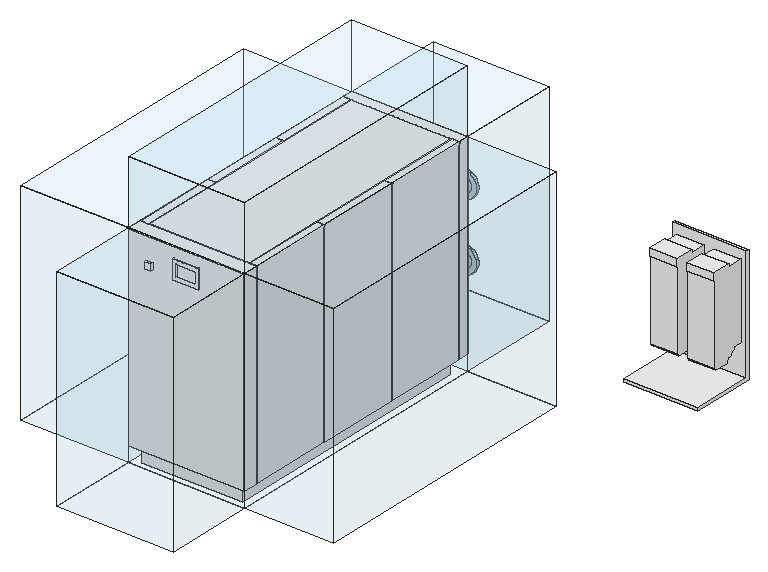
Revit family "VIESSMANN - Vitocal 350-G Pro 352 - C100", category Mechanical Equipment, Revit 2021
Family settings
  Round Connector Dimension = Use Diameter
  Part Type = Normal
  OmniClass Number = 23.75.10.21.17
  OmniClass Title = Water-Source Heat Pumps
  Work Plane-Based = No
  Always vertical = Yes
  Cut with Voids When Loaded = No
  Shared = No
  Room Calculation Point = No
Parameters (values of type "B0/W35")
  Wysokość całkowita = 1652.4 mm
  Waga przetwornicy częstotliwości wraz ze stelażem = 84.00 kg
  Odstęp minimalny pompy ciepła od ściany = "Odstęp minimalny pompy ciepła od ściany"  # constant formula
  Obieg wtórny. Strata ciśnienia przy znamionowym przepływie objętościowym = 7.0 kPa
  Obieg wtórny. Znamionowy przepływ objętościowy = 17.6 m³/h
  Obieg wtórny. Strata ciśnienia przy minimalnym przepływie objętościowym = 1.0 kPa
  Obieg wtórny. Pojemność wymiennika ciepła (woda) = 17.2 L
  Obieg wtórny. Różnica temperatur = "5 K"
  Obieg wtórny. Minimalny przepływ objętościowy = 6.0 m³/h
  Obieg wtórny. Maks. temperatura na zasilaniu obiegu wtórnego przy zasilaniu solanką z obiegu pierwotnego B –16°C = 56 °C
  Obieg wtórny. Maks. temperatura na zasilaniu obiegu wtórnego przy zasilaniu solanką z obiegu pierwotnego  B –7°C = 62 °C
  Obieg wtórny. Maks. temperatura na zasilaniu obiegu wtórnego przy zasilaniu solanką z obiegu pierwotnego B od –1 do 25°CB –1 = 75 °C
  Obieg pierwotny. Strata ciśnienia przy znamionowym przepływie objętościowym = 26.0 kPa
  Obieg pierwotny. Znamionowy przepływ objętościowy = 23.6 m³/h
  Znamionowe natężenie sprężarek (łącznie) = 41.2 A
  Znamionowa moc grzewcza = 101.9 kW
  Zakres mocy = "17 - 100%"
  Wydajność chłodnicza = 75.4 kW
  Stopień efektywności ∊ (COP) = 3.69
  Obieg pierwotny. Strata ciśnienia przy minimalnym przepływie = 8.0 kPa
  Obieg pierwotny. Pojemność wymiennika ciepła (solanka) = 13.1 L
  Podaj długość odsunięcia przetwornicy [instance] = "Maksymalny odstęp (c/d) - 1000/1400mm, 1500/900mm, 2000/400mm"  # constant formula
  Viessmann Kolor 1 = Viessmann Kolor 1
  URL = "https://www.viessmann.pl/"
  Szerokość całkowita = 911 mm
  Strefa serwisowa [instance] = yes
  Pobór mocy elektrycznej (bez pomp zewnętrznych) = 27.6 kW
  Odsunięcie przetwornicy wzdłuż "c" Rzeczywista [instance] = if([Odsunięcie przetwornicy wzdłuż "c"] > 2000 mm, 2000 mm, if([Odsunięcie przetwornicy wzdłuż "c"] < 500 mm, 500 mm, [Odsunięcie przetwornicy wzdłuż "c"]))  # 1000 mm
  Odsunięcie przetwornicy wzdłuż "c" [instance] = 1000 mm
  Odsunięcie przetwornicy w bok "d" Rzeczywista [instance] = if([Odsunięcie przetwornicy w bok "d"] > 1400 mm, 1400 mm, [Odsunięcie przetwornicy w bok "d"])  # 1400 mm
  Odsunięcie przetwornicy w bok "d" [instance] = 1400 mm
  Minimalna kubatura pomieszczenia = 36.00 m³
  Obieg wtórny. Min. temperatura na zasilaniu zasobnika lodu = 29 °C
  KOMUNIKAT [instance] = "Max. Długość przewodu od obudowy  - 2400 mm"  # constant formula
  Długość strefy serwisowej od ściany prawej = 700 mm  # constant formula
  Długość strefy serwisowej od ściany lewej = 850 mm  # constant formula
  Długość strefy serwisowej od tyłu "b" = 800 mm  # constant formula
  Obieg pierwotny. Różnica temperatur = "3 K"
  Obieg pierwotny. Min. temperatura solanki na wlocie na granicy zabezpieczenia przed zamrożeniem –25,2°C (40% obj.) = -16 °C
  Obieg pierwotny. Min. temperatura solanki na wlocie na granicy zabezpieczenia przed zamrożeniem –16,1°C (30% obj.) = -7 °C
  Obieg pierwotny. Granica zabezpieczenia przed zamrożeniem. Źródła ciepła - grunt i woda = -16.1 °C
  Obieg pierwotny. Granica zabezpieczenia przed zamrożeniem. Źródła ciepła -  powietrze i zasobnik lodu = -25.2 °C
  Obieg pierwotny. Minimalny przepływ objętościowy (50% znamionowego przepływu objętościowego w przypadku B0/W35) = 11.8 m³/h
  Masa urządzenia podstwowego = 1250.00 kg
  Manufacturer = "Viessmann Sp. z o.o."
  Długość przewodu od obudowy ciepła (c+d) Rzeczywista [instance] = [Odsunięcie przetwornicy wzdłuż "c"] + [Odsunięcie przetwornicy w bok "d"]  # 2400 mm
  Długość przewodu od obudowy ciepła (c+d) [instance] = if([Odsunięcie przetwornicy wzdłuż "c"] + [Odsunięcie przetwornicy w bok "d"] > 2399 mm, 2400 mm, [Długość przewodu od obudowy ciepła (c+d) Rzeczywista])  # 2400 mm
  Description = "Vitocal 350-G PRO to kompaktowa, monowalentna pompa ciepła typu solanka/woda do ogrzewania, chłodzenia oraz podgrzewu wody użytkowej. Jako źródło ciepła można wykorzystać grunt, wodę gruntową lub powietrze zewnętrzne. Dzięki czterem typom, Vitocal 350-G PRO jest elastycznym rozwiązaniem grzewczym i chłodniczym, spełniającym indywidualne wymagania budynków mieszkalnych, komercyjnych i przemysłowych."
  Model = "Pompy ciepła solanka /woda Vitocal 350-G PRO o temperaturze zasilania do 75°C\r"  # constant formula
  Długość strefy serwisowej od przodu "e" = 700 mm  # constant formula
  Długość całkowita = 2190 mm
  Default Elevation = 0 mm
  Autor = "www.archispace.pl"
Types (3, lengths in mm): name | Obieg wtórny. Strata ciśnienia przy znamionowym przepływie objętościowym | Obieg wtórny. Znamionowy przepływ objętościowy | Obieg wtórny. Strata ciśnienia przy minimalnym przepływie objętościowym | Obieg wtórny. Różnica temperatur | Obieg wtórny. Minimalny przepływ objętościowy | Obieg pierwotny. Strata ciśnienia przy znamionowym przepływie objętościowym | Obieg pierwotny. Znamionowy przepływ objętościowy | Znamionowe natężenie sprężarek (łącznie) | Znamionowa moc grzewcza | Wydajność chłodnicza | Stopień efektywności ∊ (COP) | Obieg pierwotny. Strata ciśnienia przy minimalnym przepływie | Pobór mocy elektrycznej (bez pomp zewnętrznych)
  (no name) | 7.0 kPa | 17.6 m³/h | 1.0 kPa | "5 K" | 6.0 m³/h | 26.0 kPa | 23.6 m³/h | 41.2 A | 101.9 kW | 75.4 kW | 3.69 | 8.0 kPa | 27.6 kW
  B0/W35 | 7.0 kPa | 17.6 m³/h | 1.0 kPa | "5 K" | 6.0 m³/h | 26.0 kPa | 23.6 m³/h | 41.2 A | 101.9 kW | 75.4 kW | 3.69 | 8.0 kPa | 27.6 kW
  B0/W55 | 2.0 kPa | 9.3 m³/h | 0.3 kPa | "8 K" | 3.0 m³/h | 15.0 kPa | 17.3 m³/h | 47.5 A | 85.0 kW | 55.4 kW | 2.74 | 4.0 kPa | 31.0 kW
Reference planes
  plane 1 "Środek (Przód/Tył)": y = 50
  plane 2: z = 0
  plane 3 "Środek (Lewa/Prawa)": x = 0
  plane 4: y = 50
  plane 5: y = -2140
  plane 6: y = -2140
  plane 7: z = 1652.4
  plane 8: x = 455.5
  plane 9: x = -455.5
  plane 10: x = -1305.5
  plane 11: x = 1155.5
  plane 12: y = -2840
  plane 13: z = 2152.4
Forms (mm)
  Extrusion 1, solid, material "Viessmann Strefy Serwisowe", visible <- "Strefa serwisowa"
    sketch origin (0, 0, 0) x (1, 0, 0) y (0, 1, 0)
      loop
        line (-455.5, 50) -> (-1305.5, 50) -> (-1305.5, -2140) -> (-455.5, -2140) -> (-455.5, 50)
    from 0 to 1652.4
  Extrusion 2, solid, material "Viessmann Strefy Serwisowe", visible <- "Strefa serwisowa"
    sketch origin (0, 0, 0) x (-1, 0, 0) y (0, -1, 0)
      loop
        line (-455.5, -50) -> (-455.5, 2140) -> (-1155.5, 2140) -> (-1155.5, -50) -> (-455.5, -50)
    from 0 to 1652.4
  Extrusion 3, solid, material "Viessmann Strefy Serwisowe", visible <- "Strefa serwisowa"
    sketch origin (1476.269, 2188.659, 0) x (1, 0, 0) y (0, 1, 0)
      loop
        line (-1020.769, -1338.659) -> (-1931.769, -1338.659) -> (-1931.769, -2138.659) -> (-1020.769, -2138.659) -> (-1020.769, -1338.659)
    from 0 to 1652.4
  Extrusion 4, solid, material "Viessmann Strefy Serwisowe", visible <- "Strefa serwisowa"
    sketch origin (1476.269, 248.659, 0) x (1, 0, 0) y (0, 1, 0)
      loop
        line (-1020.769, -2388.659) -> (-1931.769, -2388.659) -> (-1931.769, -3088.659) -> (-1020.769, -3088.659) -> (-1020.769, -2388.659)
    from 0 to 1652.4
  Extrusion 5, solid, material "Viessmann Strefy Serwisowe", visible <- "Strefa serwisowa"
    sketch origin (0, 0, 0) x (1, 0, 0) y (0, 1, 0)
      loop
        line (455.5, 50) -> (-455.5, 50) -> (-455.5, -2140) -> (455.5, -2140) -> (455.5, 50)
    from 1652.4 to 2152.4
Lines and regions (mm)
  reference lines
    curve 1: line (1836.5, 1050, 0) -> (1855.5, 1050, 0)
    curve 2: line (1855.5, 1050, 0) -> (1855.5, 1550, 0)
Dimensions and locks
  "Długość całkowita": plane 5 to plane 1 "Środek (Przód/Tył)"
  "Wysokość całkowita": plane 7 to plane 2
  Extrusion 4 sketch curve to plane 3 "Środek (Lewa/Prawa)" = 455.5 mm
  plane 3 "Środek (Lewa/Prawa)" to Extrusion 4 sketch curve = 455.5 mm
  Extrusion 3 sketch curve to plane 3 "Środek (Lewa/Prawa)" = 455.5 mm
  plane 3 "Środek (Lewa/Prawa)" to Extrusion 3 sketch curve = 455.5 mm
  equal spacing: plane 9, plane 3 "Środek (Lewa/Prawa)", plane 8
  "Szerokość całkowita": plane 9 to plane 8
  "Długość strefy serwisowej od tyłu "b"": Extrusion 3 sketch curve to plane 4
  "Odsunięcie przetwornicy wzdłuż "c" Rzeczywista": plane 4 to curve 1
  "Odsunięcie przetwornicy w bok "d" Rzeczywista": plane 8 to curve 2
  "Długość strefy serwisowej od ściany lewej": plane 10 to plane 9
  "Długość strefy serwisowej od ściany prawej": plane 8 to plane 11
  "Długość strefy serwisowej od przodu "e"": plane 5 to plane 12
  plane 4 to nested 2 = 500 mm
  plane 8 to nested 2 = 820 mm
  locked: plane 13 to plane 7 at 500
  aligned and locked: level to plane 2
  aligned and locked: Extrusion 1 to plane 5
  aligned and locked: Extrusion 1 to Extrusion 2
  aligned and locked: Extrusion 4 to Extrusion 1
  aligned and locked: Extrusion 2 to plane 1 "Środek (Przód/Tył)"
  aligned and locked: plane 7 to Extrusion 1
  aligned and locked: Extrusion 2 to plane 7
  aligned and locked: plane 7 to Extrusion 3
  aligned and locked: plane 7 to Extrusion 4
  aligned and locked: nested 1 to plane 3 "Środek (Lewa/Prawa)"
  aligned and locked: nested 1 to plane 4
  aligned and locked: Extrusion 3 to plane 4
  aligned and locked: Extrusion 3 sketch curve to plane 4
  aligned and locked: plane 4 to Extrusion 1 sketch curve
  aligned and locked: nested 2 to curve 1
  aligned and locked: nested 2 to curve 2
  aligned and locked: Extrusion 1 sketch curve to plane 10
  aligned and locked: Extrusion 2 sketch curve to plane 11
  aligned and locked: Extrusion 2 sketch curve to plane 8
  aligned and locked: Extrusion 1 sketch curve to plane 9
  aligned and locked: Extrusion 4 sketch curve to plane 12
  aligned and locked: Extrusion 5 to plane 7
  aligned and locked: plane 8 to Extrusion 5
  aligned and locked: Extrusion 5 to plane 9
  aligned and locked: Extrusion 5 to plane 5
  aligned and locked: Extrusion 5 to plane 1 "Środek (Przód/Tył)"
Automatic sketch dimensions
  Extrusion 1 sketch curve to plane 5 = 0 mm
  plane 1 "Środek (Przód/Tył)" to Extrusion 2 sketch curve = 0 mm
  plane 5 to Extrusion 2 sketch curve = 0 mm
  Extrusion 4 sketch curve to plane 5 = 0 mm
  plane 1 "Środek (Przód/Tył)" to Extrusion 5 sketch curve = 0 mm
  plane 10 to Extrusion 5 sketch curve = 850 mm
  plane 5 to Extrusion 5 sketch curve = 0 mm
  Extrusion 5 sketch curve to plane 9 = 911 mm
  curve 1 to curve 1 = 19 mm
  curve 1 to curve 2 = 500 mm
Nested families
  nested 1: "Vitocal 350-G PRO 352.typ C100" at (0, 50, 0), type "C100"
  nested 2: "Vitocal - Przetwornica częstotliwości ze stależem" at (1565.5, 800, 0), type "C075. C100. C150"
Connectors
  electrical at (-272.721, -30, 1564.6), driven by "Pobór mocy elektrycznej (bez pomp zewnętrznych)"
    settings: on nested 1, index 2, voltage 0 V, apparent load 27600 VA, apparent load phase1 0 VA, apparent load phase2 0 VA, apparent load phase3 0 VA, power factor 1, load classification "Other", number of poles 1, system type 30, power factor state 1, is connector primary yes, connector utility no, sub classification motor no, connector description ""
  piping at (-102.375, 265, 1112.398), diameter 88, driven by "Obieg pierwotny. Znamionowy przepływ objętościowy"
    settings: on nested 1, index 3, connector inside diameter 609.6 mm, connector length 0 mm, flow factor 0, pipe flow 23.6 m³/h, pressure drop 0.0 kPa, fitting loss kfactor 0, connector angle 0.00°, fixture units 0, engagement length 0 mm, angle of deflection 0.00°, flow configuration 0, flow direction 0, fitting loss method 0, system type 7, joint type 0, gender type 0, connector reference index -1, connector utility 0, adjustable connector no, is connector primary yes, connector description ""
  piping at (-102.375, 265, 582.398), diameter 88, driven by "Obieg wtórny. Znamionowy przepływ objętościowy"
    settings: on nested 1, index 4, connector inside diameter 609.6 mm, connector length 0 mm, flow factor 0, pipe flow 17.6 m³/h, pressure drop 0.0 kPa, fitting loss kfactor 0, connector angle 0.00°, fixture units 0, engagement length 0 mm, angle of deflection 0.00°, flow configuration 0, flow direction 0, fitting loss method 0, system type 8, joint type 0, gender type 0, connector reference index -1, connector utility 0, adjustable connector no, is connector primary no, connector description ""
  piping at (206.398, 345, 582.398), diameter 88
    settings: on nested 1, index 5, connector inside diameter 609.6 mm, connector length 0 mm, flow factor 0, pipe flow 0.0 m³/h, pressure drop 0.0 kPa, fitting loss kfactor 0, connector angle 0.00°, fixture units 0, engagement length 0 mm, angle of deflection 0.00°, flow configuration 0, flow direction 0, fitting loss method 0, system type 19, joint type 0, gender type 0, connector reference index -1, connector utility 0, adjustable connector no, is connector primary no, connector description ""
  piping at (206.398, 345, 582.398), diameter 88, driven by "Obieg wtórny. Znamionowy przepływ objętościowy"
    settings: on nested 1, index 6, connector inside diameter 609.6 mm, connector length 0 mm, flow factor 0, pipe flow 17.6 m³/h, pressure drop 0.0 kPa, fitting loss kfactor 0, connector angle 0.00°, fixture units 0, engagement length 0 mm, angle of deflection 0.00°, flow configuration 0, flow direction 0, fitting loss method 0, system type 8, joint type 0, gender type 0, connector reference index -1, connector utility 0, adjustable connector no, is connector primary no, connector description ""
  piping at (206.398, 345, 1112.398), diameter 88, driven by "Obieg pierwotny. Znamionowy przepływ objętościowy"
    settings: on nested 1, index 7, connector inside diameter 609.6 mm, connector length 0 mm, flow factor 0, pipe flow 23.6 m³/h, pressure drop 0.0 kPa, fitting loss kfactor 0, connector angle 0.00°, fixture units 0, engagement length 0 mm, angle of deflection 0.00°, flow configuration 0, flow direction 0, fitting loss method 0, system type 7, joint type 0, gender type 0, connector reference index -1, connector utility 0, adjustable connector no, is connector primary no, connector description ""
Definition of nested family "Vitocal 350-G PRO 352.typ C100"
  Parameters (values of type "C100")
    Wysokość = 1652.4 mm
    Szerokość = 911 mm
    Materiał = none
    Inny odstęp = no
    Długość = 2191 mm
    Default Elevation = 0 mm
  Reference planes
    plane 1 "Center (Front/Back)": y = 0
    plane 2: z = 0
    plane 3 "Center (Left/Right)": x = 0
    plane 4: z = 1652.4
    plane 5: z = 126.2
    plane 6: x = 455.5
    plane 7: x = -455.5
    plane 8: x = -451.5
    plane 9: x = 451.5
    plane 10: y = -4
    plane 11: z = 1112.398
    plane 12: z = 582.398
    plane 13: x = 206.398
    plane 14: x = -102.375
    plane 15: y = -2191
    plane 16: y = -2211
    plane 17: y = -2198
    plane 18: y = 292
    plane 19: x = -395
    plane 20: x = 395
  Forms (mm)
    Extrusion 1, solid, material <- "Materiał", detail levels medium+fine
      sketch origin (0, -876.5, 0) x (1, 0, 0) y (0, 1, 0)
        loop
          line (-398.973, 793.559) -> (-450.996, 793.559)
          arc (-450.996, 793.559) -> (-453.825, 792.387) -> (-454.996, 789.559) r 4
          line (-454.996, 789.559) -> (-454.996, 137.559)
          arc (-454.996, 137.559) -> (-453.825, 134.731) -> (-450.996, 133.559) r 4
          line (-450.996, 133.559) -> (-398.973, 133.559)
          arc (-398.973, 133.559) -> (-396.144, 134.731) -> (-394.973, 137.559) r 4
          line (-394.973, 137.559) -> (-394.973, 789.559)
          arc (-394.973, 789.559) -> (-396.144, 792.387) -> (-398.973, 793.559) r 4
        loop
          line (-398.973, 130.559) -> (-450.996, 130.559)
          arc (-450.996, 130.559) -> (-453.825, 129.387) -> (-454.996, 126.559) r 4
          line (-454.996, 126.559) -> (-454.996, -525.441)
          arc (-454.996, -525.441) -> (-453.825, -528.269) -> (-450.996, -529.441) r 4
          line (-450.996, -529.441) -> (-398.973, -529.441)
          arc (-398.973, -529.441) -> (-396.144, -528.269) -> (-394.973, -525.441) r 4
          line (-394.973, -525.441) -> (-394.973, 126.559)
          arc (-394.973, 126.559) -> (-396.144, 129.387) -> (-398.973, 130.559) r 4
        loop
          line (-398.973, -532.336) -> (-450.996, -532.336)
          arc (-450.996, -532.336) -> (-453.825, -533.508) -> (-454.996, -536.336) r 4
          line (-454.996, -536.336) -> (-454.996, -1188.336)
          arc (-454.996, -1188.336) -> (-453.825, -1191.165) -> (-450.996, -1192.336) r 4
          line (-450.996, -1192.336) -> (-398.973, -1192.336)
          arc (-398.973, -1192.336) -> (-396.144, -1191.165) -> (-394.973, -1188.336) r 4
          line (-394.973, -1188.336) -> (-394.973, -536.336)
          arc (-394.973, -536.336) -> (-396.144, -533.508) -> (-398.973, -532.336) r 4
        loop
          line (451.5, 793.559) -> (399.476, 793.559)
          arc (399.476, 793.559) -> (396.648, 792.387) -> (395.476, 789.559) r 4
          line (395.476, 789.559) -> (395.476, 137.559)
          arc (395.476, 137.559) -> (396.648, 134.731) -> (399.476, 133.559) r 4
          line (399.476, 133.559) -> (451.5, 133.559)
          arc (451.5, 133.559) -> (454.328, 134.731) -> (455.5, 137.559) r 4
          line (455.5, 137.559) -> (455.5, 789.559)
          arc (455.5, 789.559) -> (454.328, 792.387) -> (451.5, 793.559) r 4
        loop
          line (451.5, 130.559) -> (399.476, 130.559)
          arc (399.476, 130.559) -> (396.648, 129.387) -> (395.476, 126.559) r 4
          line (395.476, 126.559) -> (395.476, -525.441)
          arc (395.476, -525.441) -> (396.648, -528.269) -> (399.476, -529.441) r 4
          line (399.476, -529.441) -> (451.5, -529.441)
          arc (451.5, -529.441) -> (454.328, -528.269) -> (455.5, -525.441) r 4
          line (455.5, -525.441) -> (455.5, 126.559)
          arc (455.5, 126.559) -> (454.328, 129.387) -> (451.5, 130.559) r 4
        loop
          line (451.5, -532.336) -> (399.476, -532.336)
          arc (399.476, -532.336) -> (396.648, -533.508) -> (395.476, -536.336) r 4
          line (395.476, -536.336) -> (395.476, -1188.336)
          arc (395.476, -1188.336) -> (396.648, -1191.165) -> (399.476, -1192.336) r 4
          line (399.476, -1192.336) -> (451.5, -1192.336)
          arc (451.5, -1192.336) -> (454.328, -1191.165) -> (455.5, -1188.336) r 4
          line (455.5, -1188.336) -> (455.5, -536.336)
          arc (455.5, -536.336) -> (454.328, -533.508) -> (451.5, -532.336) r 4
        loop
          arc (392.53, 789.559) -> (391.358, 792.387) -> (388.53, 793.559) r 4
          line (388.53, 793.559) -> (-388.07, 793.559)
          arc (-388.07, 793.559) -> (-390.898, 792.387) -> (-392.07, 789.559) r 4
          line (-392.07, 789.559) -> (-392.07, -1188.336)
          arc (-392.07, -1188.336) -> (-390.898, -1191.165) -> (-388.07, -1192.336) r 4
          line (-388.07, -1192.336) -> (388.53, -1192.336)
          arc (388.53, -1192.336) -> (391.358, -1191.165) -> (392.53, -1188.336) r 4
          line (392.53, -1188.336) -> (392.53, 789.559)
        loop
          arc (-451.5, -1194.5) -> (-454.328, -1195.672) -> (-455.5, -1198.5) r 4
          line (-455.5, -1198.5) -> (-455.5, -1310.5)
          arc (-455.5, -1310.5) -> (-454.328, -1313.328) -> (-451.5, -1314.5) r 4
          line (-451.5, -1314.5) -> (451.5, -1314.5)
          arc (451.5, -1314.5) -> (454.328, -1313.328) -> (455.5, -1310.5) r 4
          line (455.5, -1310.5) -> (455.5, -1198.5)
          arc (455.5, -1198.5) -> (454.328, -1195.672) -> (451.5, -1194.5) r 4
          line (451.5, -1194.5) -> (-451.5, -1194.5)
        loop
          arc (-451.5, 876.5) -> (-454.328, 875.328) -> (-455.5, 872.5) r 4
          line (-455.5, 872.5) -> (-455.5, 800.5)
          arc (-455.5, 800.5) -> (-454.328, 797.672) -> (-451.5, 796.5) r 4
          line (-451.5, 796.5) -> (451.5, 796.5)
          arc (451.5, 796.5) -> (454.328, 797.672) -> (455.5, 800.5) r 4
          line (455.5, 800.5) -> (455.5, 872.5)
          arc (455.5, 872.5) -> (454.328, 875.328) -> (451.5, 876.5) r 4
          line (451.5, 876.5) -> (-451.5, 876.5)
      from 126.2 to 1652.4
    Extrusion 2, solid, material <- "Materiał", detail levels medium+fine
      sketch origin (0, 177.022, 0) x (0, 1, 0) y (0, 0, 1)
        loop
          line (-278.072, 126.2) -> (-2313.122, 126.2) -> (-2313.122, 0) -> (-278.072, 0) -> (-278.072, 126.2)
      from -395 to 395
    Extrusion 3, solid, material <- "Materiał", detail levels fine
      sketch origin (0, 0, -4) x (1, 0, 0) y (0, 0, 1)
        loop
          line (-313.5, 1431.4) -> (-263.5, 1431.4) -> (-263.5, 1481.4) -> (-313.5, 1481.4) -> (-313.5, 1431.4)
      from 2191 to 2211
    Extrusion 4, void
      sketch origin (-95, -5, 1652.4) x (0, 0, -1) y (-1, 0, 0)
        loop
          line (119.05, -380.729) -> (119.05, -187.229) -> (56.55, -187.229) -> (56.55, -380.729) -> (119.05, -380.729)
        loop
          line (119.05, -130.729) -> (119.05, 62.771) -> (56.55, 62.771) -> (56.55, -130.729) -> (119.05, -130.729)
        loop
          circle (87.8, 177.721) r 69
        loop
          circle (537.602, -301.398) r 69.773
        loop
          circle (537.602, 7.375) r 69.773
        loop
          circle (1067.602, -301.398) r 69.773
        loop
          circle (1067.602, 7.375) r 69.773
        loop
          circle (1346.3, -282.729) r 8.5
        loop
          circle (1346.3, -257.729) r 8.5
        loop
          circle (1346.3, -207.729) r 25.5
        loop
          circle (1346.3, -132.729) r 25.5
        loop
          circle (1346.3, -57.729) r 20.5
        loop
          circle (1346.3, 17.271) r 20.5
        loop
          circle (1346.3, 67.271) r 8.5
        loop
          circle (1346.3, 92.271) r 8.5
      from -77.941 to 5
    Extrusion 5, solid, material <- "Materiał", detail levels fine
      sketch origin (0, 0, 0) x (1, 0, 0) y (0, 0, 1)
        loop
          line (-100, 1416.675) -> (100, 1416.675) -> (100, 1566.676) -> (-100, 1566.676) -> (-100, 1416.675)
        loop
          line (-76.25, 1445.955) -> (76.25, 1445.955) -> (76.25, 1537.425) -> (-76.25, 1537.425) -> (-76.25, 1445.955)
      from 2198.075 to 2191
    Revolve 6, solid, detail levels medium+fine
      sketch origin (206.398, -2196, 1153.398) x (0, 0, 1) y (0, 1, 0)
        loop
          line (3, 2116) -> (3, 2452) -> (14, 2471) -> (59, 2471) -> (59, 2488) -> (28.773, 2488) -> (28.773, 2491) -> (-41, 2491) -> (-41, 2116) -> (3, 2116)
        axis (-41, 2491) -> (-41, 2116)
      angle from 0 to 360
    Revolve 7, solid, detail levels medium+fine
      sketch origin (206.398, -2196, 623.398) x (0, 0, 1) y (0, 1, 0)
        loop
          line (3, 2116) -> (3, 2452) -> (14, 2471) -> (59, 2471) -> (59, 2488) -> (28.773, 2488) -> (28.773, 2491) -> (-41, 2491) -> (-41, 2116) -> (3, 2116)
        axis (-41, 2491) -> (-41, 2116)
      angle from 0 to 360
    Revolve 8, solid, detail levels medium+fine
      sketch origin (-102.375, -2196, 1153.398) x (0, 0, 1) y (0, 1, 0)
        loop
          line (3, 2116) -> (3, 2372) -> (14, 2391) -> (59, 2391) -> (59, 2408) -> (28.773, 2408) -> (28.773, 2411) -> (-41, 2411) -> (-41, 2116) -> (3, 2116)
        axis (-41, 2411) -> (-41, 2116)
      angle from 0 to 360
    Revolve 9, solid, detail levels medium+fine
      sketch origin (-102.375, -2196, 623.398) x (0, 0, 1) y (0, 1, 0)
        loop
          line (3, 2116) -> (3, 2372) -> (14, 2391) -> (59, 2391) -> (59, 2408) -> (28.773, 2408) -> (28.773, 2411) -> (-41, 2411) -> (-41, 2116) -> (3, 2116)
        axis (-41, 2411) -> (-41, 2116)
      angle from 0 to 360
    Extrusion 10, solid, material <- "Materiał", detail levels coarse
      sketch origin (0, 0, 0) x (1, 0, 0) y (0, 1, 0)
        loop
          line (-455.5, 0) -> (-455.5, -2190) -> (455.5, -2190) -> (455.5, 0) -> (-455.5, 0)
      from 0 to 1652.4
  Cuts and joins
    Extrusion 4 cuts Extrusion 1
  Dimensions and locks
    "Wysokość": plane 4 to level
    locked: plane 5 to level at 126.2
    equal spacing: plane 6, plane 3 "Center (Left/Right)", plane 7
    "Szerokość": plane 6 to plane 7
    locked: plane 7 to plane 8 at 4
    locked: plane 9 to plane 6 at 4
    plane 9 to plane 20 = 56.5 mm
    plane 8 to plane 9 = 903 mm
    locked: plane 10 to plane 1 "Center (Front/Back)" at 4
    locked: plane 1 "Center (Front/Back)" to plane 18 at 292
    locked: plane 8 to plane 19 at 56.5
    locked: plane 18 to plane 1 "Center (Front/Back)" at 292
    locked: plane 15 to plane 16 at 20
    "Długość": plane 1 "Center (Front/Back)" to plane 15
    aligned and locked: level to plane 2
    aligned and locked: Extrusion 1 to Extrusion 2
    aligned and locked: Revolve 8 sketch curve to cut or joined group of Extrusion 1, Extrusion 4
    aligned and locked: Revolve 6 sketch curve to cut or joined group of Extrusion 1, Extrusion 4
    aligned and locked: Revolve 7 sketch curve to cut or joined group of Extrusion 1, Extrusion 4
    aligned and locked: Revolve 9 sketch curve to cut or joined group of Extrusion 1, Extrusion 4
    aligned and locked: plane 1 "Center (Front/Back)" to Extrusion 10 sketch curve
  Automatic sketch dimensions
    Extrusion 2 sketch curve to plane 5 = 0 mm
    Extrusion 2 sketch curve to level = 0 mm
    plane 10 to Extrusion 2 sketch curve = 97.05 mm
    Extrusion 3 sketch curve to plane 8 = 138 mm
    Extrusion 3 sketch curve to Extrusion 3 sketch curve = 50 mm  (x2)
    Extrusion 3 sketch curve to plane 4 = 225 mm
    Extrusion 4 sketch curve to Extrusion 4 sketch curve = 62.5 mm  (x2)
    Extrusion 4 sketch curve to Extrusion 4 sketch curve = 418.552 mm
    Extrusion 4 sketch curve to Extrusion 4 sketch curve = 0 mm  (x9)
    Extrusion 4 sketch curve to Extrusion 4 sketch curve = 25 mm  (x2)
    Extrusion 4 sketch curve to Extrusion 4 sketch curve = 50 mm  (x2)
    Extrusion 4 sketch curve to Extrusion 4 sketch curve = 193.5 mm  (x2)
    Extrusion 4 sketch curve to Extrusion 4 sketch curve = 75 mm  (x3)
    Extrusion 4 sketch curve to Extrusion 4 sketch curve = 56.5 mm
    Extrusion 4 sketch curve to Extrusion 4 sketch curve = 65.104 mm
    Extrusion 4 sketch curve to Extrusion 4 sketch curve = 308.773 mm
    Extrusion 4 sketch curve to Extrusion 4 sketch curve = 114.95 mm
    Extrusion 5 sketch curve to plane 14 = 2.375 mm
    Extrusion 5 sketch curve to plane 14 = 26.125 mm
    plane 3 "Center (Left/Right)" to Extrusion 5 sketch curve = 76.25 mm
    Extrusion 5 sketch curve to Extrusion 5 sketch curve = 23.75 mm
    Extrusion 5 sketch curve to plane 4 = 235.725 mm
    Extrusion 5 sketch curve to Extrusion 5 sketch curve = 29.28 mm
    Extrusion 5 sketch curve to Extrusion 5 sketch curve = 91.47 mm
    Extrusion 5 sketch curve to Extrusion 5 sketch curve = 29.251 mm
    Revolve 6 sketch curve to plane 11 = 0 mm  (x2)
    Revolve 6 sketch curve to plane 11 = 44 mm
    Revolve 6 sketch curve to Revolve 6 sketch curve = 11 mm
    Revolve 6 sketch curve to Revolve 6 sketch curve = 14.773 mm
    Revolve 6 sketch curve to Revolve 6 sketch curve = 30.227 mm
    Revolve 6 sketch curve to Revolve 6 sketch curve = 19 mm
    Revolve 6 sketch curve to Revolve 6 sketch curve = 17 mm
    Revolve 6 sketch curve to Revolve 6 sketch curve = 20 mm
    Revolve 6 sketch curve to Revolve 6 sketch curve = 66.196 mm
    Revolve 6 sketch curve to Revolve 6 sketch curve = 141.343 mm
    Revolve 7 sketch curve to plane 12 = 0 mm  (x2)
    Revolve 7 sketch curve to plane 12 = 44 mm
    Revolve 7 sketch curve to Revolve 7 sketch curve = 11 mm
    Revolve 7 sketch curve to Revolve 7 sketch curve = 14.773 mm
    Revolve 7 sketch curve to Revolve 7 sketch curve = 30.227 mm
    Revolve 7 sketch curve to Revolve 7 sketch curve = 19 mm
    Revolve 7 sketch curve to Revolve 7 sketch curve = 17 mm
    Revolve 7 sketch curve to Revolve 7 sketch curve = 20 mm
    Revolve 7 sketch curve to Revolve 7 sketch curve = 66.196 mm
    Revolve 7 sketch curve to Revolve 7 sketch curve = 141.343 mm
    Revolve 8 sketch curve to plane 11 = 0 mm  (x2)
    Revolve 8 sketch curve to plane 11 = 44 mm
    Revolve 8 sketch curve to Revolve 8 sketch curve = 11 mm
    Revolve 8 sketch curve to Revolve 8 sketch curve = 14.773 mm
    Revolve 8 sketch curve to Revolve 8 sketch curve = 30.227 mm
    Revolve 8 sketch curve to Revolve 8 sketch curve = 19 mm
    Revolve 8 sketch curve to Revolve 8 sketch curve = 17 mm
    Revolve 8 sketch curve to Revolve 8 sketch curve = 20 mm
    Revolve 8 sketch curve to Revolve 8 sketch curve = 66.196 mm
    Revolve 8 sketch curve to Revolve 8 sketch curve = 221.343 mm
    Revolve 9 sketch curve to plane 12 = 0 mm  (x2)
    Revolve 9 sketch curve to plane 12 = 44 mm
    Revolve 9 sketch curve to Revolve 9 sketch curve = 11 mm
    Revolve 9 sketch curve to Revolve 9 sketch curve = 14.773 mm
    Revolve 9 sketch curve to Revolve 9 sketch curve = 30.227 mm
    Revolve 9 sketch curve to Revolve 9 sketch curve = 19 mm
    Revolve 9 sketch curve to Revolve 9 sketch curve = 17 mm
    Revolve 9 sketch curve to Revolve 9 sketch curve = 20 mm
    Revolve 9 sketch curve to Revolve 9 sketch curve = 66.196 mm
    Revolve 9 sketch curve to Revolve 9 sketch curve = 221.343 mm
    Extrusion 1 sketch curve to plane 9 = 0 mm  (x10)
    Extrusion 1 sketch curve to plane 6 = 0 mm  (x5)
    Extrusion 1 sketch curve to Extrusion 1 sketch curve = 52.024 mm  (x4)
    Extrusion 1 sketch curve to Extrusion 1 sketch curve = 0 mm  (x5)
    Extrusion 1 sketch curve to Extrusion 1 sketch curve = 4 mm  (x13)
    Extrusion 1 sketch curve to plane 8 = 56.527 mm  (x2)
    Extrusion 1 sketch curve to plane 8 = 0.504 mm  (x6)
    plane 7 to Extrusion 1 sketch curve = 0.504 mm  (x3)
    Extrusion 1 sketch curve to Extrusion 1 sketch curve = 2.895 mm  (x2)
    Extrusion 1 sketch curve to Extrusion 1 sketch curve = 3 mm  (x2)
    plane 10 to Extrusion 1 sketch curve = 82.941 mm  (x2)
    Extrusion 1 sketch curve to Extrusion 1 sketch curve = 6.946 mm
    Extrusion 1 sketch curve to Extrusion 1 sketch curve = 2.946 mm
    Extrusion 1 sketch curve to Extrusion 1 sketch curve = 6.903 mm
    Extrusion 1 sketch curve to plane 8 = 0 mm  (x4)
    Extrusion 1 sketch curve to Extrusion 1 sketch curve = 2.164 mm
    Extrusion 1 sketch curve to plane 7 = 0 mm  (x2)
    Extrusion 1 sketch curve to plane 10 = 4 mm
    Extrusion 1 sketch curve to Extrusion 1 sketch curve = 6.941 mm
    plane 14 to Extrusion 4 sketch curve = 0 mm  (x2)
    plane 13 to Extrusion 4 sketch curve = 0 mm
    Extrusion 4 sketch curve to plane 4 = 56.55 mm  (x2)
    Extrusion 4 sketch curve to plane 4 = 87.8 mm
    Extrusion 4 sketch curve to plane 12 = 2.4 mm
    plane 5 to Extrusion 4 sketch curve = 179.9 mm
    Extrusion 4 sketch curve to plane 13 = 79.331 mm
    Extrusion 1 sketch curve to Extrusion 1 sketch curve = 112 mm
    Extrusion 1 sketch curve to Extrusion 1 sketch curve = 652 mm  (x5)
    Extrusion 2 sketch curve to Extrusion 2 sketch curve = 2035.05 mm
    Revolve 6 sketch curve to plane 1 "Center (Front/Back)" = 256 mm
    Revolve 7 sketch curve to plane 1 "Center (Front/Back)" = 256 mm
    Revolve 8 sketch curve to plane 1 "Center (Front/Back)" = 176 mm
    Revolve 9 sketch curve to plane 1 "Center (Front/Back)" = 176 mm
    Extrusion 10 sketch curve to plane 7 = 0 mm
    Extrusion 10 sketch curve to plane 6 = 0 mm
    Extrusion 10 sketch curve to plane 15 = 1 mm
    radius of Extrusion 4 sketch curve = 69 mm
    radius of Extrusion 4 sketch curve = 69.773 mm  (x4)
    radius of Extrusion 4 sketch curve = 8.5 mm  (x4)
    radius of Extrusion 4 sketch curve = 25.5 mm  (x2)
    radius of Extrusion 4 sketch curve = 20.5 mm  (x2)
Definition of nested family "Vitocal - Przetwornica częstotliwości ze stależem"
  Parameters (values of type "C075. C100. C150")
    Wysokość = 910 mm
    Szerokość = 500 mm
    Materiał = none
    Inny odstęp = no
    Długość = 580 mm
    Default Elevation = 0 mm
  Types (2, lengths in mm): name | Wysokość | Długość
    C075. C100. C150 | 910 | 580
    C210 | 1193 | 800
  Reference planes
    plane 1 "Center (Front/Back)": y = 0
    plane 2: z = 0
    plane 3 "Center (Left/Right)": x = 0
    plane 4: z = 910
    plane 5: x = -290
    plane 6: x = 290
    plane 7: y = 250
    plane 8: y = -250
    plane 9: z = 860
    plane 10: x = -145
    plane 11: x = -40
    plane 12: x = -250
    plane 13: z = 170.641
    plane 14: x = 145
    plane 15: x = 40
    plane 16: x = 250
  Forms (mm)
    Extrusion 1, solid, material <- "Materiał", detail levels coarse+medium
      sketch origin (0, 0, 0) x (1, 0, 0) y (0, 1, 0)
        loop
          line (-290, 250) -> (-290, -250) -> (290, -250) -> (290, 250) -> (-290, 250)
      from 0 to 910
    Sweep 2, solid, material <- "Materiał", detail levels fine
      path origin (0, 0, 0) x (1, 0, 0) y (0, 1, 0)
        loop
          line (290, 0) -> (-290, 0)
      profile origin (0, 0, 0) x (0, -1, 0) y (0, 0, 1)
        loop
          line (-250, 0) -> (250, 0) -> (250, 20) -> (-230, 20) -> (-230, 910) -> (-250, 910) -> (-250, 0)
    Sweep 3, solid, material <- "Materiał", detail levels fine
      path origin (0, 219.668, 170.641) x (0, 1, 0) y (-1, 0, 0)
        loop
          line (-219.668, 40) -> (-219.668, 250)
      profile origin (-145, 0, 170.641) x (0, -1, 0) y (0, 0, 1)
        loop
          line (-107.85, 669.3) -> (-230, 669.3) -> (-230, 83.3) -> (-162, 83.3) -> (-162, 65.3) -> (-147, 65.3) -> (-127.5, 45.3) -> (-127.5, 40.3)
          arc (-127.5, 40.3) -> (-124.571, 33.229) -> (-117.5, 30.3) r 10
          line (-117.5, 30.3) -> (-98.5, 30.3) -> (-98.5, 16.3) -> (-91.5, 16.3) -> (-91.5, 12.8) -> (-85.25, 12.8) -> (-85.25, 0) -> (18.25, 0) -> (18.25, 12.8) -> (24.5, 12.8) -> (24.5, 16.65) -> (31.85, 17.036) -> (31.85, 632.8) -> (40.85, 632.8) -> (40.85, 689.359) -> (-107.85, 689.359) -> (-107.85, 669.3)
    Sweep 4, solid, material <- "Materiał", detail levels fine
      path origin (0, 219.668, 170.641) x (0, 1, 0) y (-1, 0, 0)
        loop
          line (-219.668, -40) -> (-219.668, -250)
      profile origin (145, 0, 170.641) x (0, 1, 0) y (0, 0, 1)
        loop
          line (107.85, 669.359) -> (107.85, 689.359) -> (-40.85, 689.359) -> (-40.85, 632.8) -> (-31.85, 632.8) -> (-31.85, 17.036) -> (-24.5, 16.65) -> (-24.5, 12.8) -> (-18.25, 12.8) -> (-18.25, 0) -> (85.25, 0) -> (85.25, 12.8) -> (91.5, 12.8) -> (91.5, 16.3) -> (98.5, 16.3) -> (98.5, 30.3) -> (117.5, 30.3)
          arc (117.5, 30.3) -> (124.571, 33.229) -> (127.5, 40.3) r 10
          line (127.5, 40.3) -> (127.5, 45.3) -> (147, 65.3) -> (162, 65.3) -> (162, 83.3) -> (230, 83.3) -> (230, 669.359) -> (107.85, 669.359)
  Dimensions and locks
    "Wysokość": plane 4 to level
    equal spacing: plane 7, plane 1 "Center (Front/Back)", plane 8
    equal spacing: plane 5, plane 3 "Center (Left/Right)", plane 6
    "Szerokość": plane 7 to plane 8
    "Długość": plane 5 to plane 6
    locked: plane 7 to Sweep 2 sketch curve at 20
    locked: Extrusion 1 to Sweep 2 sketch curve at 20
    equal spacing: plane 3 "Center (Left/Right)", plane 10, plane 5
    locked: plane 4 to plane 9 at 50
    locked: plane 13 to level at 170.641
    locked: plane 9 to Sweep 4 sketch curve at 20
    locked: plane 5 to plane 12 at 40
    locked: plane 16 to plane 6 at 40
    locked: plane 11 to plane 15 at 80
    aligned and locked: level to plane 2
    aligned and locked: plane 5 to Extrusion 1 sketch curve
    aligned and locked: Extrusion 1 sketch curve to plane 7
    aligned and locked: Extrusion 1 sketch curve to plane 6
    aligned and locked: plane 8 to Extrusion 1 sketch curve
    aligned and locked: plane 4 to Extrusion 1
    aligned and locked: plane 5 to Sweep 2 sketch curve
    aligned and locked: plane 6 to Sweep 2 sketch curve
    aligned and locked: Sweep 2 sketch curve to plane 7
    aligned and locked: Sweep 2 sketch curve to plane 4
    aligned and locked: Sweep 2 sketch curve to plane 2
    aligned and locked: Sweep 2 sketch curve to plane 8
    aligned and locked: Sweep 3 sketch curve to plane 1 "Center (Front/Back)"
    aligned and locked: plane 12 to Sweep 3 sketch curve
    aligned and locked: plane 11 to Sweep 3 sketch curve
    aligned and locked: Sweep 3 sketch curve to plane 9
    aligned and locked: Sweep 2 to Sweep 3 sketch curve
    aligned and locked: Sweep 4 sketch curve to plane 9
    aligned and locked: Sweep 4 sketch curve to plane 13
  Automatic sketch dimensions
    plane 1 "Center (Front/Back)" to Sweep 2 sketch curve = 0 mm
    Sweep 3 sketch curve to plane 13 = 0 mm
    Sweep 3 sketch curve to Sweep 3 sketch curve = 68 mm
    plane 13 to Sweep 3 sketch curve = 65.3 mm
    Sweep 3 sketch curve to Sweep 3 sketch curve = 15 mm
    Sweep 3 sketch curve to Sweep 3 sketch curve = 19.5 mm
    Sweep 3 sketch curve to Sweep 3 sketch curve = 10 mm
    profile plane to Sweep 3 sketch curve = 107.85 mm
    Sweep 3 sketch curve to Sweep 3 sketch curve = 19 mm
    plane 13 to Sweep 3 sketch curve = 16.3 mm
    Sweep 3 sketch curve to Sweep 3 sketch curve = 7 mm
    plane 13 to Sweep 3 sketch curve = 12.8 mm  (x2)
    Sweep 3 sketch curve to Sweep 3 sketch curve = 0 mm  (x3)
    Sweep 3 sketch curve to Sweep 3 sketch curve = 6.25 mm  (x2)
    Sweep 3 sketch curve to profile plane = 18.25 mm
    Sweep 3 sketch curve to profile plane = 31.85 mm
    Sweep 3 sketch curve to Sweep 3 sketch curve = 9 mm
    Sweep 3 sketch curve to Sweep 3 sketch curve = 3.85 mm
    Sweep 3 sketch curve to Sweep 3 sketch curve = 0.387 mm
    Sweep 3 sketch curve to Sweep 3 sketch curve = 14 mm
    Sweep 3 sketch curve to Sweep 3 sketch curve = 5 mm
    Sweep 3 sketch curve to Sweep 3 sketch curve = 18 mm
    Sweep 3 sketch curve to Sweep 3 sketch curve = 56.559 mm
    Sweep 3 sketch curve to Sweep 3 sketch curve = 20.059 mm
    plane 1 "Center (Front/Back)" to Sweep 4 sketch curve = 0 mm
    Sweep 4 sketch curve to plane 6 = 40 mm
    plane 3 "Center (Left/Right)" to Sweep 4 sketch curve = 40 mm
    profile plane to Sweep 4 sketch curve = 40.85 mm
    profile plane to Sweep 4 sketch curve = 31.85 mm
    Sweep 4 sketch curve to Sweep 4 sketch curve = 7.35 mm
    Sweep 4 sketch curve to Sweep 4 sketch curve = 6.25 mm  (x2)
    Sweep 4 sketch curve to profile plane = 85.25 mm
    Sweep 4 sketch curve to Sweep 4 sketch curve = 0 mm  (x3)
    Sweep 4 sketch curve to Sweep 4 sketch curve = 7 mm
    Sweep 4 sketch curve to profile plane = 107.85 mm
    Sweep 4 sketch curve to Sweep 4 sketch curve = 19 mm
    Sweep 4 sketch curve to Sweep 4 sketch curve = 10 mm
    plane 13 to Sweep 4 sketch curve = 65.3 mm
    Sweep 4 sketch curve to Sweep 4 sketch curve = 19.5 mm
    Sweep 4 sketch curve to Sweep 4 sketch curve = 15 mm
    Sweep 4 sketch curve to Sweep 4 sketch curve = 68 mm
    plane 13 to Sweep 4 sketch curve = 12.8 mm  (x2)
    Sweep 4 sketch curve to Sweep 4 sketch curve = 3.5 mm
    Sweep 4 sketch curve to Sweep 4 sketch curve = 3.85 mm
    Sweep 4 sketch curve to Sweep 4 sketch curve = 0.387 mm
    Sweep 4 sketch curve to Sweep 4 sketch curve = 14 mm
    Sweep 4 sketch curve to Sweep 4 sketch curve = 5 mm
    Sweep 4 sketch curve to Sweep 4 sketch curve = 18 mm
    Sweep 4 sketch curve to Sweep 4 sketch curve = 36.559 mm
